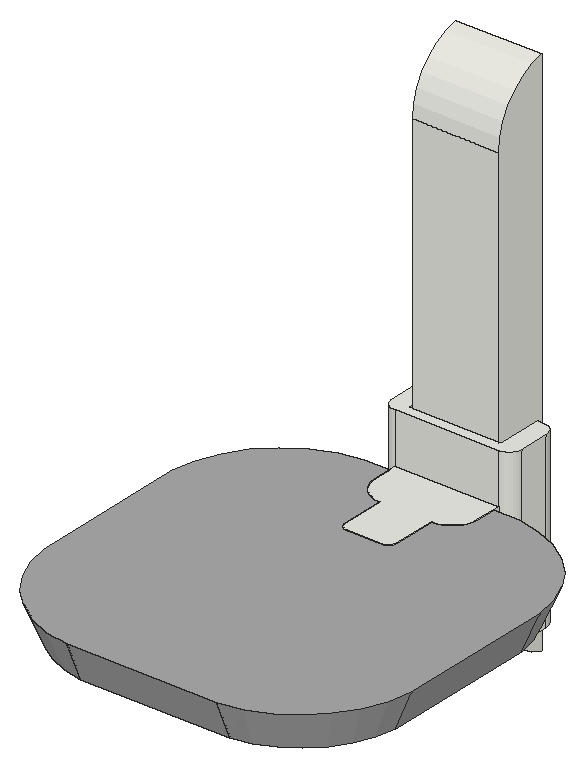
Revit family "Sense suihkuistuin", category Casework, Revit 2015
Parameters (values of type "17412 G")
  URL = "http://www.korpinen.com/"
  Shower seat = Sense suihkuistuin 17412 : Sense suihkuistuin 17412 G
  NominalLength = 0 mm
  NominalHeight = 0 mm
  NominalDepth = 0 mm
  Model = "Sense suihkuistuin"
  Manufacturer = "Korpinen"
  Keynote = "17412"
  IfcExportType = ""
  IfcExportAs = ""
  IfcClassification = ""
  Depth = 518 mm  # constant formula
  Height = 835 mm
  Width = 426 mm  # constant formula
  Author = "ProdLib Oy"
Types (7, lengths in mm): name | Shower seat | Keynote
  (no name) | Sense suihkuistuin 17412 : Sense suihkuistuin 17412 G | "17412"
  17413 G | Sense suihkuistuin 17413 : Sense suihkuistuin 17413 G | "17413"
  17413 R | Sense suihkuistuin 17413 : Sense suihkuistuin 17413 R | "17413"
  17413 Y | Sense suihkuistuin 17413 : Sense suihkuistuin 17413 Y | "17413"
  17412 G | Sense suihkuistuin 17412 : Sense suihkuistuin 17412 G | "17412"
  17412 R | Sense suihkuistuin 17412 : Sense suihkuistuin 17412 R | "17412"
  17412 Y | Sense suihkuistuin 17412 : Sense suihkuistuin 17412 Y | "17412"
Reference planes
  plane 1 "Back": y = -91.6
  plane 2: z = 0
  plane 3 "Center (Left/Right)": x = 18.738
  plane 4 "Left": x = -194.262
  plane 5 "Right": x = 231.738
  plane 6 "Front": y = -609.6
  plane 7 "Top": z = 835
Dimensions and locks
  "Depth": plane 6 "Front" to plane 1 "Back"
  "Width": plane 4 "Left" to plane 5 "Right"
  equal spacing: plane 4 "Left", plane 3 "Center (Left/Right)", plane 5 "Right"
  "Height": level to plane 7 "Top"
  aligned and locked: plane 2 to level
  aligned and locked: plane 1 "Back" to nested 1
Nested families
  nested 1: "Sense suihkuistuin 17412" at (18.402, -91.6, 0) x (0, -1, 0) z (0, 0, 1), type <- "Shower seat", type "Sense suihkuistuin 17412 G"
Definition of nested family "Sense suihkuistuin 17412"
  Parameters (values of type "Sense suihkuistuin 17412 G")
    URL = "www.korpinen.fi"
    NominalLength = 0 mm
    NominalHeight = 0 mm
    NominalDepth = 0 mm
    Model = "17412"  # constant formula
    Manufacturer = "Korpinen Oy"  # constant formula
    IfcExportType = ""
    IfcExportAs = ""
    IfcClassification = ""
    Height of Handrail [instance] = 900 mm
    Seat colour = none
    Frame colour = none
    Autohor = "ProdLib Oy"  # constant formula
  Types (3): name
    Sense suihkuistuin 17412 Y
    Sense suihkuistuin 17412 G
    Sense suihkuistuin 17412 R
  Reference planes
    plane 1 "Center (Front/Back)": y = 0
    plane 2: z = 0
    plane 3 "Center (Left/Right)": x = 0
    plane 4: z = 900
    plane 5: y = 50
    plane 6: y = -50
    plane 7 "top": z = 401
    plane 8 "bottom": z = 355
    plane 9: x = 517.583
    plane 10: y = 89.811
    plane 11: x = 392.258
    plane 12: x = 206.692
    plane 13: y = 213
    plane 14: x = 83.503
    plane 15: y = -89.811
    plane 16: y = -213
  Forms (mm)
    Extrusion 1, solid, material <- "Frame colour"
      sketch origin (0, 0, 0) x (1, 0, 0) y (0, 0, 1)
        loop
          arc (0, 215) -> (44.686, 244.394) -> (62, 295) r 82.613
          line (62, 295) -> (62, 760)
          arc (62, 760) -> (44.493, 808.654) -> (0, 835) r 76.363
          line (0, 835) -> (0, 215)
      from -50 to 50
    Extrusion 2, solid, material <- "Frame colour"
      sketch origin (0, 0, 0) x (1, 0, 0) y (0, 1, 0)
        loop
          line (10, 60) -> (10, 53) -> (62.135, 53) -> (62.135, -53.151) -> (10, -53.151) -> (10, -60)
          arc (10, -60) -> (14.393, -70.607) -> (25, -75) r 15
          line (25, -75) -> (60, -75)
          arc (60, -75) -> (70.607, -70.607) -> (75, -60) r 15
          line (75, -60) -> (75, 60)
          arc (75, 60) -> (70.607, 70.607) -> (60, 75) r 15
          line (60, 75) -> (25, 75)
          arc (25, 75) -> (14.393, 70.607) -> (10, 60) r 15
      from 258.71 to 459
    Extrusion 3, solid, material <- "Frame colour"
      sketch origin (0, 0, 0) x (1, 0, 0) y (0, 1, 0)
        loop
          line (75, 60) -> (75, -60) -> (105, -60)
          arc (105, -60) -> (126.213, -51.213) -> (135, -30) r 30
          line (135, -30) -> (185, -30)
          arc (185, -30) -> (192.064, -27.078) -> (195, -20.02) r 10
          line (195, -20.02) -> (195, 20.02)
          arc (195, 20.02) -> (192.064, 27.078) -> (185, 30) r 10
          line (185, 30) -> (135, 30)
          arc (135, 30) -> (126.213, 51.213) -> (105, 60) r 30
          line (105, 60) -> (75, 60)
      from 355 to 401
    Blend 4, solid, material <- "Seat colour"
      base sketch origin (0, 0, 0) x (1, 0, 0) y (0, 1, 0)
        loop
          line (105, -60) -> (103.503, -60) -> (103.503, -88.803)
          arc (103.503, -88.803) -> (137.157, -159.346) -> (207.7, -193) r 117.1
          line (207.7, -193) -> (391.148, -193)
          arc (391.148, -193) -> (463.083, -158.22) -> (497.863, -86.284) r 121.5
          line (497.863, -86.284) -> (497.863, 86.284)
          arc (497.863, 86.284) -> (463.083, 158.22) -> (391.148, 193) r 121.5
          line (391.148, 193) -> (207.7, 193)
          arc (207.7, 193) -> (137.157, 159.346) -> (103.503, 88.803) r 117.1
          line (103.503, 88.803) -> (103.503, 60) -> (105, 60)
          arc (105, 60) -> (126.213, 51.213) -> (135, 30) r 30
          line (135, 30) -> (185.02, 30)
          arc (185.02, 30) -> (192.077, 27.077) -> (195, 20.02) r 9.98
          line (195, 20.02) -> (195, -20)
          arc (195, -20) -> (192.071, -27.071) -> (185, -30) r 10
          line (185, -30) -> (135, -30)
          arc (135, -30) -> (126.213, -51.213) -> (105, -60) r 30
      top sketch origin (0, 0, 0) x (1, 0, 0) y (0, 1, 0)
        loop
          arc (206.692, 213) -> (123.015, 173.488) -> (83.503, 89.811) r 137.1
          line (83.503, 89.811) -> (83.503, 60) -> (105, 60)
          arc (105, 60) -> (126.213, 51.213) -> (135, 30) r 30
          line (135, 30) -> (185.02, 30)
          arc (185.02, 30) -> (192.077, 27.077) -> (195, 20.02) r 9.98
          line (195, 20.02) -> (195, -20)
          arc (195, -20) -> (192.071, -27.071) -> (185, -30) r 10
          line (185, -30) -> (135, -30)
          arc (135, -30) -> (126.213, -51.213) -> (105, -60) r 30
          line (105, -60) -> (83.503, -60) -> (83.503, -89.811)
          arc (83.503, -89.811) -> (123.015, -173.488) -> (206.692, -213) r 137.1
          line (206.692, -213) -> (392.258, -213)
          arc (392.258, -213) -> (477.226, -172.362) -> (517.863, -87.395) r 141.5
          line (517.863, -87.395) -> (517.863, 87.395)
          arc (517.863, 87.395) -> (477.226, 172.362) -> (392.258, 213) r 141.5
          line (392.258, 213) -> (206.692, 213)
      from 355 to 401
  Lines and regions (mm)
    symbolic lines
      curve 1: arc (206.692, 213, 0) -> (123.017, 173.486, 0) -> (83.503, 89.811, 0) r 137.107
      curve 2: line (392.258, 213, 0) -> (206.692, 213, 0)
      curve 3: arc (517.583, 89.811, 0) -> (476.364, 173.221, 0) -> (392.258, 213, 0) r 141.489
      curve 4: line (517.583, -89.811, 0) -> (517.583, 89.811, 0)
      curve 5: arc (392.258, -213, 0) -> (476.364, -173.221, 0) -> (517.583, -89.811, 0) r 141.489
      curve 6: line (206.692, -213, 0) -> (392.258, -213, 0)
      curve 7: arc (83.503, -89.811, 0) -> (123.017, -173.486, 0) -> (206.692, -213, 0) r 137.107
      curve 8: line (83.503, -60, 0) -> (83.503, -89.811, 0)
      curve 9: line (83.503, 89.811, 0) -> (83.503, 60, 0)
      curve 10: line (105, 60, 0) -> (75, 60, 0)
      curve 11: arc (135, 30, 0) -> (126.213, 51.213, 0) -> (105, 60, 0) r 30
      curve 12: line (185, 30, 0) -> (135, 30, 0)
      curve 13: arc (195, 20.02, 0) -> (192.064, 27.078, 0) -> (185, 30, 0) r 10
      curve 14: line (195, -20.02, 0) -> (195, 20.02, 0)
      curve 15: arc (185, -30, 0) -> (192.064, -27.078, 0) -> (195, -20.02, 0) r 10
      curve 16: line (135, -30, 0) -> (185, -30, 0)
      curve 17: arc (105, -60, 0) -> (126.213, -51.213, 0) -> (135, -30, 0) r 30
      curve 18: line (75, -60, 0) -> (105, -60, 0)
      curve 19: arc (60, -75, 0) -> (70.607, -70.607, 0) -> (75, -60, 0) r 15
      curve 20: line (25, -75, 0) -> (60, -75, 0)
      curve 21: arc (10, -60, 0) -> (14.393, -70.607, 0) -> (25, -75, 0) r 15
      curve 22: line (10, -53.151, 0) -> (10, -60, 0)
      curve 23: line (0, 50, 0) -> (0, -50, 0)
      curve 24: line (0, -50, 0) -> (62.135, -50, 0)
      curve 25: line (62.135, -53.151, 0) -> (10, -53.151, 0)
      curve 26: line (10, 53, 0) -> (62.135, 53, 0)
      curve 27: arc (25, 75, 0) -> (14.393, 70.607, 0) -> (10, 60, 0) r 15
      curve 28: line (10, 60, 0) -> (10, 53, 0)
      curve 29: line (62.135, 50, 0) -> (0, 50, 0)
      curve 30: line (0, 50, 0) -> (0, -50, 0)
      curve 31: line (60, 75, 0) -> (25, 75, 0)
      curve 32: arc (75, 60, 0) -> (70.607, 70.607, 0) -> (60, 75, 0) r 15
      curve 33: line (62.135, 53, 0) -> (62.135, -53.151, 0)
    model lines, not visible
      curve 34: line (0, 0, 215) -> (0, 0, 0)
  Dimensions and locks
    "Height of Handrail": plane 4 to level
    plane 6 to plane 1 "Center (Front/Back)" to plane 5 = 50 mm locked, 50 mm locked
    plane 3 "Center (Left/Right)" to plane 9 = 517.583 mm
    aligned and locked: level to plane 2
    aligned and locked: Extrusion 1 to plane 5
    aligned and locked: plane 6 to Extrusion 1
    aligned and locked: Extrusion 3 to plane 8 "bottom"
    aligned and locked: plane 7 "top" to Extrusion 3
    aligned and locked: plane 7 "top" to Blend 4
    aligned and locked: Blend 4 to plane 8 "bottom"
  Automatic sketch dimensions
    plane 3 "Center (Left/Right)" to Extrusion 2 sketch curve = 10 mm  (x2)
    Extrusion 2 sketch curve to Extrusion 2 sketch curve = 15 mm  (x2)
    plane 6 to Extrusion 2 sketch curve = 10 mm
    Extrusion 2 sketch curve to Extrusion 2 sketch curve = 35 mm
    plane 6 to Extrusion 2 sketch curve = 3.151 mm
    Extrusion 2 sketch curve to Extrusion 2 sketch curve = 2.135 mm
    Extrusion 2 sketch curve to Extrusion 2 sketch curve = 6.849 mm
    Extrusion 2 sketch curve to plane 5 = 3 mm
    Extrusion 2 sketch curve to plane 5 = 10 mm
    Extrusion 2 sketch curve to Extrusion 2 sketch curve = 7 mm
    plane 6 to Extrusion 3 sketch curve = 10 mm
    plane 3 "Center (Left/Right)" to Extrusion 3 sketch curve = 75 mm
    Extrusion 3 sketch curve to Extrusion 3 sketch curve = 30 mm  (x2)
    Extrusion 3 sketch curve to plane 5 = 10 mm
    plane 5 to Extrusion 3 sketch curve = 20 mm
    Extrusion 3 sketch curve to Extrusion 3 sketch curve = 50 mm
    Extrusion 3 sketch curve to Extrusion 3 sketch curve = 10 mm  (x3)
    plane 1 "Center (Front/Back)" to Extrusion 3 sketch curve = 20.02 mm
    Extrusion 3 sketch curve to Extrusion 3 sketch curve = 0.02 mm
    Extrusion 1 sketch curve to plane 3 "Center (Left/Right)" = 0 mm
    Extrusion 1 sketch curve to plane 3 "Center (Left/Right)" = 14.363 mm
    Extrusion 1 sketch curve to plane 3 "Center (Left/Right)" = 20.613 mm
    plane 3 "Center (Left/Right)" to Extrusion 1 sketch curve = 62 mm
    Extrusion 1 sketch curve to plane 8 "bottom" = 60 mm
    Extrusion 1 sketch curve to plane 4 = 140 mm
    plane 3 "Center (Left/Right)" to curve 2 = 206.692 mm
    curve 1 to plane 5 = 26.537 mm
    curve 1 to curve 1 = 13.274 mm
    curve 1 to curve 2 = 136.463 mm
    curve 1 to plane 5 = 39.811 mm
    curve 1 to curve 2 = 185.566 mm
    curve 3 to plane 5 = 22.316 mm
    curve 3 to curve 3 = 15.078 mm
    curve 3 to plane 5 = 39.811 mm
    plane 6 to curve 4 = 39.811 mm
    plane 6 to curve 5 = 22.316 mm
    curve 5 to curve 5 = 140.404 mm
    curve 5 to curve 5 = 15.078 mm
    plane 6 to curve 7 = 26.537 mm
    curve 6 to curve 7 = 13.274 mm
    plane 6 to curve 7 = 39.811 mm
    plane 6 to curve 8 = 10 mm
    curve 9 to plane 5 = 10 mm
    curve 10 to curve 9 = 8.503 mm
    curve 9 to curve 10 = 21.497 mm
    plane 5 to curve 11 = 20 mm
    curve 11 to curve 12 = 50 mm
    curve 13 to curve 13 = 10 mm  (x2)
    plane 1 "Center (Front/Back)" to curve 14 = 20.02 mm
    curve 15 to curve 15 = 10 mm
    curve 15 to curve 15 = 0.02 mm
    curve 16 to curve 15 = 50 mm
    curve 18 to curve 8 = 8.503 mm
    curve 19 to curve 18 = 15 mm
    plane 3 "Center (Left/Right)" to curve 20 = 25 mm
    plane 6 to curve 21 = 10 mm
    plane 6 to curve 22 = 3.151 mm
    curve 24 to plane 3 "Center (Left/Right)" = 0 mm
    plane 6 to curve 24 = 0 mm
    plane 5 to curve 23 = 0 mm
    curve 19 to curve 24 = 2.135 mm
    plane 3 "Center (Left/Right)" to curve 28 = 10 mm
    curve 28 to curve 27 = 15 mm
    curve 28 to plane 5 = 3 mm
    curve 28 to curve 28 = 7 mm
    curve 26 to curve 10 = 12.865 mm
    plane 6 to Blend 4 sketch curve = 10 mm
    plane 14 to Blend 4 sketch curve = 21.497 mm  (x4)
    Blend 4 sketch curve to plane 5 = 10 mm
    Blend 4 sketch curve to plane 6 = 20 mm  (x2)
    plane 5 to Blend 4 sketch curve = 20 mm  (x2)
    plane 12 to Blend 4 sketch curve = 21.692 mm  (x2)
    plane 12 to Blend 4 sketch curve = 21.672 mm  (x2)
    Blend 4 sketch curve to Blend 4 sketch curve = 9.98 mm  (x2)
    Blend 4 sketch curve to plane 11 = 1.11 mm  (x2)
    Blend 4 sketch curve to plane 12 = 1.008 mm  (x2)
    plane 14 to Blend 4 sketch curve = 20 mm  (x2)
    Blend 4 sketch curve to plane 15 = 1.008 mm
    Blend 4 sketch curve to plane 10 = 1.008 mm
    Blend 4 sketch curve to plane 12 = 13.267 mm  (x2)
    Blend 4 sketch curve to plane 11 = 15.088 mm  (x4)
    Blend 4 sketch curve to plane 10 = 17.504 mm
    Blend 4 sketch curve to Blend 4 sketch curve = 46.543 mm
    Blend 4 sketch curve to plane 15 = 3.527 mm
    Blend 4 sketch curve to Blend 4 sketch curve = 120.693 mm
    Blend 4 sketch curve to plane 16 = 20 mm
    Blend 4 sketch curve to plane 14 = 0 mm  (x2)
    Blend 4 sketch curve to plane 10 = 0 mm
    plane 16 to Blend 4 sketch curve = 0 mm
    Blend 4 sketch curve to plane 13 = 0 mm
    Blend 4 sketch curve to plane 11 = 0 mm  (x2)
    plane 15 to Blend 4 sketch curve = 0 mm
    Blend 4 sketch curve to Blend 4 sketch curve = 30 mm  (x2)
    Blend 4 sketch curve to plane 12 = 0 mm  (x2)
    Blend 4 sketch curve to plane 10 = 13.267 mm
    Blend 4 sketch curve to plane 15 = 13.267 mm
    plane 9 to Blend 4 sketch curve = 0.28 mm
    Blend 4 sketch curve to plane 15 = 2.416 mm
    Blend 4 sketch curve to plane 1 "Center (Front/Back)" = 72.307 mm
    curve 34 to level = 0 mm
    curve 34 to plane 3 "Center (Left/Right)" = 0 mm
    curve 34 to plane 8 "bottom" = 140 mm
